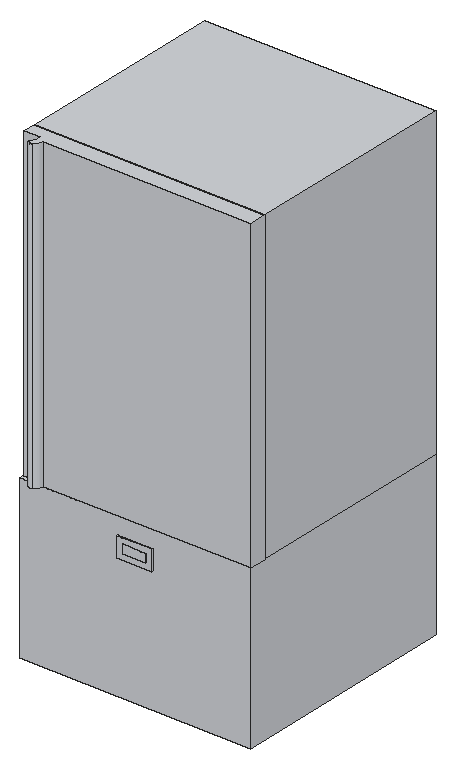
Revit family "Шкафы шоковой заморозки", category Оборудование, Revit 2020 (continued)
Lines and regions (mm)
  model lines, visible <- "Высокий", detail levels fine
    curve 1121: line (198.293, -800, 465.159) -> (184.151, -800, 451.017)
    curve 1122: line (198.293, -800, 480.159) -> (184.151, -800, 466.017)
    curve 1123: line (198.293, -800, 495.159) -> (184.151, -800, 481.017)
    curve 1124: line (198.293, -800, 510.159) -> (184.151, -800, 496.017)
    curve 1125: line (198.293, -800, 525.159) -> (184.151, -800, 511.017)
    curve 1126: line (218.293, -800, 450.159) -> (204.151, -800, 436.017)
    curve 1127: line (218.293, -800, 435.159) -> (204.151, -800, 421.017)
    curve 1128: line (218.293, -800, 420.159) -> (204.151, -800, 406.017)
    curve 1129: line (218.293, -800, 405.159) -> (204.151, -800, 391.017)
    curve 1130: line (218.293, -800, 390.159) -> (204.151, -800, 376.017)
    curve 1131: line (218.293, -800, 375.159) -> (204.151, -800, 361.017)
    curve 1132: line (218.293, -800, 360.159) -> (204.151, -800, 346.017)
    curve 1133: line (218.293, -800, 345.159) -> (204.151, -800, 331.017)
    curve 1134: line (218.293, -800, 330.159) -> (204.151, -800, 316.017)
    curve 1135: line (218.293, -800, 315.159) -> (204.151, -800, 301.017)
    curve 1136: line (218.293, -800, 300.159) -> (204.151, -800, 286.017)
    curve 1137: line (218.293, -800, 285.159) -> (204.151, -800, 271.017)
    curve 1138: line (218.293, -800, 465.159) -> (204.151, -800, 451.017)
    curve 1139: line (218.293, -800, 480.159) -> (204.151, -800, 466.017)
    curve 1140: line (218.293, -800, 495.159) -> (204.151, -800, 481.017)
    curve 1141: line (218.293, -800, 510.159) -> (204.151, -800, 496.017)
    curve 1142: line (218.293, -800, 525.159) -> (204.151, -800, 511.017)
    curve 1143: line (238.293, -800, 450.159) -> (224.151, -800, 436.017)
    curve 1144: line (238.293, -800, 435.159) -> (224.151, -800, 421.017)
    curve 1145: line (238.293, -800, 420.159) -> (224.151, -800, 406.017)
    curve 1146: line (238.293, -800, 405.159) -> (224.151, -800, 391.017)
    curve 1147: line (238.293, -800, 390.159) -> (224.151, -800, 376.017)
    curve 1148: line (238.293, -800, 375.159) -> (224.151, -800, 361.017)
    curve 1149: line (238.293, -800, 360.159) -> (224.151, -800, 346.017)
    curve 1150: line (238.293, -800, 345.159) -> (224.151, -800, 331.017)
    curve 1151: line (238.293, -800, 330.159) -> (224.151, -800, 316.017)
    curve 1152: line (238.293, -800, 315.159) -> (224.151, -800, 301.017)
    curve 1153: line (238.293, -800, 300.159) -> (224.151, -800, 286.017)
    curve 1154: line (238.293, -800, 285.159) -> (224.151, -800, 271.017)
    curve 1155: line (238.293, -800, 465.159) -> (224.151, -800, 451.017)
    curve 1156: line (238.293, -800, 480.159) -> (224.151, -800, 466.017)
    curve 1157: line (238.293, -800, 495.159) -> (224.151, -800, 481.017)
    curve 1158: line (238.293, -800, 510.159) -> (224.151, -800, 496.017)
    curve 1159: line (238.293, -800, 525.159) -> (224.151, -800, 511.017)
    curve 1160: line (258.293, -800, 450.159) -> (244.151, -800, 436.017)
    curve 1161: line (258.293, -800, 435.159) -> (244.151, -800, 421.017)
    curve 1162: line (258.293, -800, 420.159) -> (244.151, -800, 406.017)
    curve 1163: line (258.293, -800, 405.159) -> (244.151, -800, 391.017)
    curve 1164: line (258.293, -800, 390.159) -> (244.151, -800, 376.017)
    curve 1165: line (258.293, -800, 375.159) -> (244.151, -800, 361.017)
    curve 1166: line (258.293, -800, 360.159) -> (244.151, -800, 346.017)
    curve 1167: line (258.293, -800, 345.159) -> (244.151, -800, 331.017)
    curve 1168: line (258.293, -800, 330.159) -> (244.151, -800, 316.017)
    curve 1169: line (258.293, -800, 315.159) -> (244.151, -800, 301.017)
    curve 1170: line (258.293, -800, 300.159) -> (244.151, -800, 286.017)
    curve 1171: line (258.293, -800, 285.159) -> (244.151, -800, 271.017)
    curve 1172: line (258.293, -800, 465.159) -> (244.151, -800, 451.017)
    curve 1173: line (258.293, -800, 480.159) -> (244.151, -800, 466.017)
    curve 1174: line (258.293, -800, 495.159) -> (244.151, -800, 481.017)
    curve 1175: line (258.293, -800, 510.159) -> (244.151, -800, 496.017)
    curve 1176: line (258.293, -800, 525.159) -> (244.151, -800, 511.017)
    curve 1177: line (-98.293, -800, 540.159) -> (-84.151, -800, 526.017)
    curve 1178: line (-118.293, -800, 540.159) -> (-104.151, -800, 526.017)
    curve 1179: line (-138.293, -800, 540.159) -> (-124.151, -800, 526.017)
    curve 1180: line (-158.293, -800, 540.159) -> (-144.151, -800, 526.017)
    curve 1181: line (-178.293, -800, 540.159) -> (-164.151, -800, 526.017)
    curve 1182: line (-198.293, -800, 540.159) -> (-184.151, -800, 526.017)
    curve 1183: line (-218.293, -800, 540.159) -> (-204.151, -800, 526.017)
    curve 1184: line (-238.293, -800, 540.159) -> (-224.151, -800, 526.017)
    curve 1185: line (-258.293, -800, 540.159) -> (-244.151, -800, 526.017)
    curve 1186: line (98.293, -800, 540.159) -> (84.151, -800, 526.017)
    curve 1187: line (118.293, -800, 540.159) -> (104.151, -800, 526.017)
    curve 1188: line (138.293, -800, 540.159) -> (124.151, -800, 526.017)
    curve 1189: line (158.293, -800, 540.159) -> (144.151, -800, 526.017)
    curve 1190: line (178.293, -800, 540.159) -> (164.151, -800, 526.017)
    curve 1191: line (198.293, -800, 540.159) -> (184.151, -800, 526.017)
    curve 1192: line (218.293, -800, 540.159) -> (204.151, -800, 526.017)
    curve 1193: line (238.293, -800, 540.159) -> (224.151, -800, 526.017)
    curve 1194: line (258.293, -800, 540.159) -> (244.151, -800, 526.017)
    curve 1195: line (-98.293, -800, 555.159) -> (-84.151, -800, 541.017)
    curve 1196: line (-118.293, -800, 555.159) -> (-104.151, -800, 541.017)
    curve 1197: line (-138.293, -800, 555.159) -> (-124.151, -800, 541.017)
    curve 1198: line (-158.293, -800, 555.159) -> (-144.151, -800, 541.017)
    curve 1199: line (-178.293, -800, 555.159) -> (-164.151, -800, 541.017)
    curve 1200: line (-198.293, -800, 555.159) -> (-184.151, -800, 541.017)
    curve 1201: line (-218.293, -800, 555.159) -> (-204.151, -800, 541.017)
    curve 1202: line (-238.293, -800, 555.159) -> (-224.151, -800, 541.017)
    curve 1203: line (-258.293, -800, 555.159) -> (-244.151, -800, 541.017)
    curve 1204: line (98.293, -800, 555.159) -> (84.151, -800, 541.017)
    curve 1205: line (118.293, -800, 555.159) -> (104.151, -800, 541.017)
    curve 1206: line (138.293, -800, 555.159) -> (124.151, -800, 541.017)
    curve 1207: line (158.293, -800, 555.159) -> (144.151, -800, 541.017)
    curve 1208: line (178.293, -800, 555.159) -> (164.151, -800, 541.017)
    curve 1209: line (198.293, -800, 555.159) -> (184.151, -800, 541.017)
    curve 1210: line (218.293, -800, 555.159) -> (204.151, -800, 541.017)
    curve 1211: line (238.293, -800, 555.159) -> (224.151, -800, 541.017)
    curve 1212: line (258.293, -800, 555.159) -> (244.151, -800, 541.017)
    curve 1221: line (1468.311, -800, 25.271) -> (1482.453, -800, 11.128)
    curve 1222: line (1468.311, -800, 10.271) -> (1482.453, -800, -3.872)
    curve 1223: line (1468.311, -800, -4.729) -> (1482.453, -800, -18.872)
    curve 1224: line (1468.311, -800, -19.729) -> (1482.453, -800, -33.872)
    curve 1225: line (1468.311, -800, -34.729) -> (1482.453, -800, -48.872)
    curve 1226: line (1468.311, -800, -49.729) -> (1482.453, -800, -63.872)
    curve 1227: line (1468.311, -800, -64.729) -> (1482.453, -800, -78.872)
    curve 1228: line (1468.311, -800, -79.729) -> (1482.453, -800, -93.872)
    curve 1229: line (1468.311, -800, -94.729) -> (1482.453, -800, -108.872)
    curve 1230: line (1468.311, -800, -109.729) -> (1482.453, -800, -123.872)
    curve 1231: line (1468.311, -800, -124.729) -> (1482.453, -800, -138.872)
    curve 1232: line (1468.311, -800, -139.729) -> (1482.453, -800, -153.872)
    curve 1233: line (1448.311, -800, 25.271) -> (1462.453, -800, 11.128)
    curve 1234: line (1448.311, -800, 10.271) -> (1462.453, -800, -3.872)
    curve 1235: line (1448.311, -800, -4.729) -> (1462.453, -800, -18.872)
    curve 1236: line (1448.311, -800, -19.729) -> (1462.453, -800, -33.872)
    curve 1237: line (1448.311, -800, -34.729) -> (1462.453, -800, -48.872)
    curve 1238: line (1448.311, -800, -49.729) -> (1462.453, -800, -63.872)
    curve 1239: line (1448.311, -800, -64.729) -> (1462.453, -800, -78.872)
    curve 1240: line (1448.311, -800, -79.729) -> (1462.453, -800, -93.872)
    curve 1241: line (1448.311, -800, -94.729) -> (1462.453, -800, -108.872)
    curve 1242: line (1448.311, -800, -109.729) -> (1462.453, -800, -123.872)
    curve 1243: line (1448.311, -800, -124.729) -> (1462.453, -800, -138.872)
    curve 1244: line (1448.311, -800, -139.729) -> (1462.453, -800, -153.872)
    curve 1245: line (1428.311, -800, 25.271) -> (1442.453, -800, 11.128)
    curve 1246: line (1428.311, -800, 10.271) -> (1442.453, -800, -3.872)
    curve 1247: line (1428.311, -800, -4.729) -> (1442.453, -800, -18.872)
    curve 1248: line (1428.311, -800, -19.729) -> (1442.453, -800, -33.872)
    curve 1249: line (1428.311, -800, -34.729) -> (1442.453, -800, -48.872)
    curve 1250: line (1428.311, -800, -49.729) -> (1442.453, -800, -63.872)
    curve 1251: line (1428.311, -800, -64.729) -> (1442.453, -800, -78.872)
    curve 1252: line (1428.311, -800, -79.729) -> (1442.453, -800, -93.872)
    curve 1253: line (1428.311, -800, -94.729) -> (1442.453, -800, -108.872)
    curve 1254: line (1428.311, -800, -109.729) -> (1442.453, -800, -123.872)
    curve 1255: line (1428.311, -800, -124.729) -> (1442.453, -800, -138.872)
    curve 1256: line (1428.311, -800, -139.729) -> (1442.453, -800, -153.872)
    curve 1257: line (1408.311, -800, 25.271) -> (1422.453, -800, 11.128)
    curve 1258: line (1408.311, -800, 10.271) -> (1422.453, -800, -3.872)
    curve 1259: line (1408.311, -800, -4.729) -> (1422.453, -800, -18.872)
    curve 1260: line (1408.311, -800, -19.729) -> (1422.453, -800, -33.872)
    curve 1261: line (1408.311, -800, -34.729) -> (1422.453, -800, -48.872)
    curve 1262: line (1408.311, -800, -49.729) -> (1422.453, -800, -63.872)
    curve 1263: line (1408.311, -800, -64.729) -> (1422.453, -800, -78.872)
    curve 1264: line (1408.311, -800, -79.729) -> (1422.453, -800, -93.872)
    curve 1265: line (1408.311, -800, -94.729) -> (1422.453, -800, -108.872)
    curve 1266: line (1408.311, -800, -109.729) -> (1422.453, -800, -123.872)
    curve 1267: line (1408.311, -800, -124.729) -> (1422.453, -800, -138.872)
    curve 1268: line (1408.311, -800, -139.729) -> (1422.453, -800, -153.872)
    curve 1269: line (1388.311, -800, 25.271) -> (1402.453, -800, 11.128)
    curve 1270: line (1388.311, -800, 10.271) -> (1402.453, -800, -3.872)
    curve 1271: line (1388.311, -800, -4.729) -> (1402.453, -800, -18.872)
    curve 1272: line (1388.311, -800, -19.729) -> (1402.453, -800, -33.872)
    curve 1273: line (1388.311, -800, -34.729) -> (1402.453, -800, -48.872)
    curve 1274: line (1388.311, -800, -49.729) -> (1402.453, -800, -63.872)
    curve 1275: line (1388.311, -800, -64.729) -> (1402.453, -800, -78.872)
    curve 1276: line (1388.311, -800, -79.729) -> (1402.453, -800, -93.872)
    curve 1277: line (1388.311, -800, -94.729) -> (1402.453, -800, -108.872)
    curve 1278: line (1388.311, -800, -109.729) -> (1402.453, -800, -123.872)
    curve 1279: line (1388.311, -800, -124.729) -> (1402.453, -800, -138.872)
    curve 1280: line (1388.311, -800, -139.729) -> (1402.453, -800, -153.872)
    curve 1281: line (1388.311, -800, 40.271) -> (1402.453, -800, 26.128)
    curve 1282: line (1388.311, -800, 55.271) -> (1402.453, -800, 41.128)
    curve 1283: line (1388.311, -800, 70.271) -> (1402.453, -800, 56.128)
    curve 1284: line (1388.311, -800, 85.271) -> (1402.453, -800, 71.128)
    curve 1285: line (1388.311, -800, 100.271) -> (1402.453, -800, 86.128)
    curve 1286: line (1368.311, -800, 25.271) -> (1382.453, -800, 11.128)
    curve 1287: line (1368.311, -800, 10.271) -> (1382.453, -800, -3.872)
    curve 1288: line (1368.311, -800, -4.729) -> (1382.453, -800, -18.872)
    curve 1289: line (1368.311, -800, -19.729) -> (1382.453, -800, -33.872)
    curve 1290: line (1368.311, -800, -34.729) -> (1382.453, -800, -48.872)
    curve 1291: line (1368.311, -800, -49.729) -> (1382.453, -800, -63.872)
    curve 1292: line (1368.311, -800, -64.729) -> (1382.453, -800, -78.872)
    curve 1293: line (1368.311, -800, -79.729) -> (1382.453, -800, -93.872)
    curve 1294: line (1368.311, -800, -94.729) -> (1382.453, -800, -108.872)
    curve 1295: line (1368.311, -800, -109.729) -> (1382.453, -800, -123.872)
    curve 1296: line (1368.311, -800, -124.729) -> (1382.453, -800, -138.872)
    curve 1297: line (1368.311, -800, -139.729) -> (1382.453, -800, -153.872)
    curve 1298: line (1368.311, -800, 40.271) -> (1382.453, -800, 26.128)
    curve 1299: line (1368.311, -800, 55.271) -> (1382.453, -800, 41.128)
    curve 1300: line (1368.311, -800, 70.271) -> (1382.453, -800, 56.128)
    curve 1301: line (1368.311, -800, 85.271) -> (1382.453, -800, 71.128)
    curve 1302: line (1368.311, -800, 100.271) -> (1382.453, -800, 86.128)
    curve 1303: line (1348.311, -800, 25.271) -> (1362.453, -800, 11.128)
    curve 1304: line (1348.311, -800, 10.271) -> (1362.453, -800, -3.872)
    curve 1305: line (1348.311, -800, -4.729) -> (1362.453, -800, -18.872)
    curve 1306: line (1348.311, -800, -19.729) -> (1362.453, -800, -33.872)
    curve 1307: line (1348.311, -800, -34.729) -> (1362.453, -800, -48.872)
    curve 1308: line (1348.311, -800, -49.729) -> (1362.453, -800, -63.872)
    curve 1309: line (1348.311, -800, -64.729) -> (1362.453, -800, -78.872)
    curve 1310: line (1348.311, -800, -79.729) -> (1362.453, -800, -93.872)
    curve 1311: line (1348.311, -800, -94.729) -> (1362.453, -800, -108.872)
    curve 1312: line (1348.311, -800, -109.729) -> (1362.453, -800, -123.872)
    curve 1313: line (1348.311, -800, -124.729) -> (1362.453, -800, -138.872)
    curve 1314: line (1348.311, -800, -139.729) -> (1362.453, -800, -153.872)
    curve 1315: line (1348.311, -800, 40.271) -> (1362.453, -800, 26.128)
    curve 1316: line (1348.311, -800, 55.271) -> (1362.453, -800, 41.128)
    curve 1317: line (1348.311, -800, 70.271) -> (1362.453, -800, 56.128)
    curve 1318: line (1348.311, -800, 85.271) -> (1362.453, -800, 71.128)
    curve 1319: line (1348.311, -800, 100.271) -> (1362.453, -800, 86.128)
    curve 1320: line (1328.311, -800, 25.271) -> (1342.453, -800, 11.128)
    curve 1321: line (1328.311, -800, 10.271) -> (1342.453, -800, -3.872)
    curve 1322: line (1328.311, -800, -4.729) -> (1342.453, -800, -18.872)
    curve 1323: line (1328.311, -800, -19.729) -> (1342.453, -800, -33.872)
    curve 1324: line (1328.311, -800, -34.729) -> (1342.453, -800, -48.872)
    curve 1325: line (1328.311, -800, -49.729) -> (1342.453, -800, -63.872)
    curve 1326: line (1328.311, -800, -64.729) -> (1342.453, -800, -78.872)
    curve 1327: line (1328.311, -800, -79.729) -> (1342.453, -800, -93.872)
    curve 1328: line (1328.311, -800, -94.729) -> (1342.453, -800, -108.872)
    curve 1329: line (1328.311, -800, -109.729) -> (1342.453, -800, -123.872)
    curve 1330: line (1328.311, -800, -124.729) -> (1342.453, -800, -138.872)
    curve 1331: line (1328.311, -800, -139.729) -> (1342.453, -800, -153.872)
    curve 1332: line (1328.311, -800, 40.271) -> (1342.453, -800, 26.128)
    curve 1333: line (1328.311, -800, 55.271) -> (1342.453, -800, 41.128)
    curve 1334: line (1328.311, -800, 70.271) -> (1342.453, -800, 56.128)
    curve 1335: line (1328.311, -800, 85.271) -> (1342.453, -800, 71.128)
    curve 1336: line (1328.311, -800, 100.271) -> (1342.453, -800, 86.128)
    curve 1337: line (1308.311, -800, 25.271) -> (1322.453, -800, 11.128)
    curve 1338: line (1308.311, -800, 10.271) -> (1322.453, -800, -3.872)
    curve 1339: line (1308.311, -800, -4.729) -> (1322.453, -800, -18.872)
    curve 1340: line (1308.311, -800, -19.729) -> (1322.453, -800, -33.872)
    curve 1341: line (1308.311, -800, -34.729) -> (1322.453, -800, -48.872)
    curve 1342: line (1308.311, -800, -49.729) -> (1322.453, -800, -63.872)
    curve 1343: line (1308.311, -800, -64.729) -> (1322.453, -800, -78.872)
    curve 1344: line (1308.311, -800, -79.729) -> (1322.453, -800, -93.872)
    curve 1345: line (1308.311, -800, -94.729) -> (1322.453, -800, -108.872)
    curve 1346: line (1308.311, -800, -109.729) -> (1322.453, -800, -123.872)
    curve 1347: line (1308.311, -800, -124.729) -> (1322.453, -800, -138.872)
    curve 1348: line (1308.311, -800, -139.729) -> (1322.453, -800, -153.872)
    curve 1349: line (1308.311, -800, 40.271) -> (1322.453, -800, 26.128)
    curve 1350: line (1308.311, -800, 55.271) -> (1322.453, -800, 41.128)
    curve 1351: line (1308.311, -800, 70.271) -> (1322.453, -800, 56.128)
    curve 1352: line (1308.311, -800, 85.271) -> (1322.453, -800, 71.128)
    curve 1353: line (1308.311, -800, 100.271) -> (1322.453, -800, 86.128)
    curve 1354: line (1288.311, -800, 25.271) -> (1302.453, -800, 11.128)
    curve 1355: line (1288.311, -800, 10.271) -> (1302.453, -800, -3.872)
    curve 1356: line (1288.311, -800, -4.729) -> (1302.453, -800, -18.872)
    curve 1357: line (1288.311, -800, -19.729) -> (1302.453, -800, -33.872)
    curve 1358: line (1288.311, -800, -34.729) -> (1302.453, -800, -48.872)
    curve 1359: line (1288.311, -800, -49.729) -> (1302.453, -800, -63.872)
    curve 1360: line (1288.311, -800, -64.729) -> (1302.453, -800, -78.872)
    curve 1361: line (1288.311, -800, -79.729) -> (1302.453, -800, -93.872)
    curve 1362: line (1288.311, -800, -94.729) -> (1302.453, -800, -108.872)
    curve 1363: line (1288.311, -800, -109.729) -> (1302.453, -800, -123.872)
    curve 1364: line (1288.311, -800, -124.729) -> (1302.453, -800, -138.872)
    curve 1365: line (1288.311, -800, -139.729) -> (1302.453, -800, -153.872)
    curve 1366: line (1288.311, -800, 40.271) -> (1302.453, -800, 26.128)
    curve 1367: line (1288.311, -800, 55.271) -> (1302.453, -800, 41.128)
    curve 1368: line (1288.311, -800, 70.271) -> (1302.453, -800, 56.128)
    curve 1369: line (1288.311, -800, 85.271) -> (1302.453, -800, 71.128)
    curve 1370: line (1288.311, -800, 100.271) -> (1302.453, -800, 86.128)
    curve 1371: line (1268.311, -800, 25.271) -> (1282.453, -800, 11.128)
    curve 1372: line (1268.311, -800, 10.271) -> (1282.453, -800, -3.872)
    curve 1373: line (1268.311, -800, -4.729) -> (1282.453, -800, -18.872)
    curve 1374: line (1268.311, -800, -19.729) -> (1282.453, -800, -33.872)
    curve 1375: line (1268.311, -800, -34.729) -> (1282.453, -800, -48.872)
    curve 1376: line (1268.311, -800, -49.729) -> (1282.453, -800, -63.872)
    curve 1377: line (1268.311, -800, -64.729) -> (1282.453, -800, -78.872)
    curve 1378: line (1268.311, -800, -79.729) -> (1282.453, -800, -93.872)
    curve 1379: line (1268.311, -800, -94.729) -> (1282.453, -800, -108.872)
    curve 1380: line (1268.311, -800, -109.729) -> (1282.453, -800, -123.872)
    curve 1381: line (1268.311, -800, -124.729) -> (1282.453, -800, -138.872)
    curve 1382: line (1268.311, -800, -139.729) -> (1282.453, -800, -153.872)
    curve 1383: line (1268.311, -800, 40.271) -> (1282.453, -800, 26.128)
    curve 1384: line (1268.311, -800, 55.271) -> (1282.453, -800, 41.128)
    curve 1385: line (1268.311, -800, 70.271) -> (1282.453, -800, 56.128)
    curve 1386: line (1268.311, -800, 85.271) -> (1282.453, -800, 71.128)
    curve 1387: line (1268.311, -800, 100.271) -> (1282.453, -800, 86.128)
    curve 1388: line (1248.311, -800, 25.271) -> (1262.453, -800, 11.128)
    curve 1389: line (1248.311, -800, 10.271) -> (1262.453, -800, -3.872)
    curve 1390: line (1248.311, -800, -4.729) -> (1262.453, -800, -18.872)
    curve 1391: line (1248.311, -800, -19.729) -> (1262.453, -800, -33.872)
    curve 1392: line (1248.311, -800, -34.729) -> (1262.453, -800, -48.872)
    curve 1393: line (1248.311, -800, -49.729) -> (1262.453, -800, -63.872)
    curve 1394: line (1248.311, -800, -64.729) -> (1262.453, -800, -78.872)
    curve 1395: line (1248.311, -800, -79.729) -> (1262.453, -800, -93.872)
    curve 1396: line (1248.311, -800, -94.729) -> (1262.453, -800, -108.872)
    curve 1397: line (1248.311, -800, -109.729) -> (1262.453, -800, -123.872)
    curve 1398: line (1248.311, -800, -124.729) -> (1262.453, -800, -138.872)
    curve 1399: line (1248.311, -800, -139.729) -> (1262.453, -800, -153.872)
    curve 1400: line (1248.311, -800, 40.271) -> (1262.453, -800, 26.128)
    curve 1401: line (1248.311, -800, 55.271) -> (1262.453, -800, 41.128)
    curve 1402: line (1248.311, -800, 70.271) -> (1262.453, -800, 56.128)
    curve 1403: line (1248.311, -800, 85.271) -> (1262.453, -800, 71.128)
    curve 1404: line (1248.311, -800, 100.271) -> (1262.453, -800, 86.128)
    curve 1405: line (1228.311, -800, 25.271) -> (1242.453, -800, 11.128)
    curve 1406: line (1228.311, -800, 10.271) -> (1242.453, -800, -3.872)
    curve 1407: line (1228.311, -800, -4.729) -> (1242.453, -800, -18.872)
    curve 1408: line (1228.311, -800, -19.729) -> (1242.453, -800, -33.872)
    curve 1409: line (1228.311, -800, -34.729) -> (1242.453, -800, -48.872)
    curve 1410: line (1228.311, -800, -49.729) -> (1242.453, -800, -63.872)
    curve 1411: line (1228.311, -800, -64.729) -> (1242.453, -800, -78.872)
    curve 1412: line (1228.311, -800, -79.729) -> (1242.453, -800, -93.872)
    curve 1413: line (1228.311, -800, -94.729) -> (1242.453, -800, -108.872)
    curve 1414: line (1228.311, -800, -109.729) -> (1242.453, -800, -123.872)
    curve 1415: line (1228.311, -800, -124.729) -> (1242.453, -800, -138.872)
    curve 1416: line (1228.311, -800, -139.729) -> (1242.453, -800, -153.872)
    curve 1417: line (1228.311, -800, 40.271) -> (1242.453, -800, 26.128)
    curve 1418: line (1228.311, -800, 55.271) -> (1242.453, -800, 41.128)
    curve 1419: line (1228.311, -800, 70.271) -> (1242.453, -800, 56.128)
    curve 1420: line (1228.311, -800, 85.271) -> (1242.453, -800, 71.128)
    curve 1421: line (1228.311, -800, 100.271) -> (1242.453, -800, 86.128)
    curve 1422: line (1504.897, -800, 25.271) -> (1490.755, -800, 11.128)
    curve 1423: line (1504.897, -800, 10.271) -> (1490.755, -800, -3.872)
    curve 1424: line (1504.897, -800, -4.729) -> (1490.755, -800, -18.872)
    curve 1425: line (1504.897, -800, -19.729) -> (1490.755, -800, -33.872)
    curve 1426: line (1504.897, -800, -34.729) -> (1490.755, -800, -48.872)
    curve 1427: line (1504.897, -800, -49.729) -> (1490.755, -800, -63.872)
    curve 1428: line (1504.897, -800, -64.729) -> (1490.755, -800, -78.872)
    curve 1429: line (1504.897, -800, -79.729) -> (1490.755, -800, -93.872)
    curve 1430: line (1504.897, -800, -94.729) -> (1490.755, -800, -108.872)
    curve 1431: line (1504.897, -800, -109.729) -> (1490.755, -800, -123.872)
    curve 1432: line (1504.897, -800, -124.729) -> (1490.755, -800, -138.872)
    curve 1433: line (1504.897, -800, -139.729) -> (1490.755, -800, -153.872)
    curve 1434: line (1524.897, -800, 25.271) -> (1510.755, -800, 11.128)
    curve 1435: line (1524.897, -800, 10.271) -> (1510.755, -800, -3.872)
    curve 1436: line (1524.897, -800, -4.729) -> (1510.755, -800, -18.872)
    curve 1437: line (1524.897, -800, -19.729) -> (1510.755, -800, -33.872)
    curve 1438: line (1524.897, -800, -34.729) -> (1510.755, -800, -48.872)
    curve 1439: line (1524.897, -800, -49.729) -> (1510.755, -800, -63.872)
    curve 1440: line (1524.897, -800, -64.729) -> (1510.755, -800, -78.872)
    curve 1441: line (1524.897, -800, -79.729) -> (1510.755, -800, -93.872)
    curve 1442: line (1524.897, -800, -94.729) -> (1510.755, -800, -108.872)
    curve 1443: line (1524.897, -800, -109.729) -> (1510.755, -800, -123.872)
    curve 1444: line (1524.897, -800, -124.729) -> (1510.755, -800, -138.872)
    curve 1445: line (1524.897, -800, -139.729) -> (1510.755, -800, -153.872)
    curve 1446: line (1544.897, -800, 25.271) -> (1530.755, -800, 11.128)
    curve 1447: line (1544.897, -800, 10.271) -> (1530.755, -800, -3.872)
    curve 1448: line (1544.897, -800, -4.729) -> (1530.755, -800, -18.872)
    curve 1449: line (1544.897, -800, -19.729) -> (1530.755, -800, -33.872)
    curve 1450: line (1544.897, -800, -34.729) -> (1530.755, -800, -48.872)
    curve 1451: line (1544.897, -800, -49.729) -> (1530.755, -800, -63.872)
    curve 1452: line (1544.897, -800, -64.729) -> (1530.755, -800, -78.872)
    curve 1453: line (1544.897, -800, -79.729) -> (1530.755, -800, -93.872)
    curve 1454: line (1544.897, -800, -94.729) -> (1530.755, -800, -108.872)
    curve 1455: line (1544.897, -800, -109.729) -> (1530.755, -800, -123.872)
    curve 1456: line (1544.897, -800, -124.729) -> (1530.755, -800, -138.872)
    curve 1457: line (1544.897, -800, -139.729) -> (1530.755, -800, -153.872)
    curve 1458: line (1564.897, -800, 25.271) -> (1550.755, -800, 11.128)
    curve 1459: line (1564.897, -800, 10.271) -> (1550.755, -800, -3.872)
    curve 1460: line (1564.897, -800, -4.729) -> (1550.755, -800, -18.872)
    curve 1461: line (1564.897, -800, -19.729) -> (1550.755, -800, -33.872)
    curve 1462: line (1564.897, -800, -34.729) -> (1550.755, -800, -48.872)
    curve 1463: line (1564.897, -800, -49.729) -> (1550.755, -800, -63.872)
    curve 1464: line (1564.897, -800, -64.729) -> (1550.755, -800, -78.872)
    curve 1465: line (1564.897, -800, -79.729) -> (1550.755, -800, -93.872)
    curve 1466: line (1564.897, -800, -94.729) -> (1550.755, -800, -108.872)
    curve 1467: line (1564.897, -800, -109.729) -> (1550.755, -800, -123.872)
    curve 1468: line (1564.897, -800, -124.729) -> (1550.755, -800, -138.872)
    curve 1469: line (1564.897, -800, -139.729) -> (1550.755, -800, -153.872)
    curve 1470: line (1584.897, -800, 25.271) -> (1570.755, -800, 11.128)
    curve 1471: line (1584.897, -800, 10.271) -> (1570.755, -800, -3.872)
    curve 1472: line (1584.897, -800, -4.729) -> (1570.755, -800, -18.872)
    curve 1473: line (1584.897, -800, -19.729) -> (1570.755, -800, -33.872)
    curve 1474: line (1584.897, -800, -34.729) -> (1570.755, -800, -48.872)
    curve 1475: line (1584.897, -800, -49.729) -> (1570.755, -800, -63.872)
    curve 1476: line (1584.897, -800, -64.729) -> (1570.755, -800, -78.872)
    curve 1477: line (1584.897, -800, -79.729) -> (1570.755, -800, -93.872)
    curve 1478: line (1584.897, -800, -94.729) -> (1570.755, -800, -108.872)
    curve 1479: line (1584.897, -800, -109.729) -> (1570.755, -800, -123.872)
    curve 1480: line (1584.897, -800, -124.729) -> (1570.755, -800, -138.872)
    curve 1481: line (1584.897, -800, -139.729) -> (1570.755, -800, -153.872)
    curve 1482: line (1584.897, -800, 40.271) -> (1570.755, -800, 26.128)
    curve 1483: line (1584.897, -800, 55.271) -> (1570.755, -800, 41.128)
    curve 1484: line (1584.897, -800, 70.271) -> (1570.755, -800, 56.128)
    curve 1485: line (1584.897, -800, 85.271) -> (1570.755, -800, 71.128)
    curve 1486: line (1584.897, -800, 100.271) -> (1570.755, -800, 86.128)
    curve 1487: line (1604.897, -800, 25.271) -> (1590.755, -800, 11.128)
    curve 1488: line (1604.897, -800, 10.271) -> (1590.755, -800, -3.872)
    curve 1489: line (1604.897, -800, -4.729) -> (1590.755, -800, -18.872)
    curve 1490: line (1604.897, -800, -19.729) -> (1590.755, -800, -33.872)
    curve 1491: line (1604.897, -800, -34.729) -> (1590.755, -800, -48.872)
    curve 1492: line (1604.897, -800, -49.729) -> (1590.755, -800, -63.872)
    curve 1493: line (1604.897, -800, -64.729) -> (1590.755, -800, -78.872)
    curve 1494: line (1604.897, -800, -79.729) -> (1590.755, -800, -93.872)
    curve 1495: line (1604.897, -800, -94.729) -> (1590.755, -800, -108.872)
    curve 1496: line (1604.897, -800, -109.729) -> (1590.755, -800, -123.872)
    curve 1497: line (1604.897, -800, -124.729) -> (1590.755, -800, -138.872)
    curve 1498: line (1604.897, -800, -139.729) -> (1590.755, -800, -153.872)
    curve 1499: line (1604.897, -800, 40.271) -> (1590.755, -800, 26.128)
    curve 1500: line (1604.897, -800, 55.271) -> (1590.755, -800, 41.128)
    curve 1501: line (1604.897, -800, 70.271) -> (1590.755, -800, 56.128)
    curve 1502: line (1604.897, -800, 85.271) -> (1590.755, -800, 71.128)
    curve 1503: line (1604.897, -800, 100.271) -> (1590.755, -800, 86.128)
    curve 1504: line (1624.897, -800, 25.271) -> (1610.755, -800, 11.128)
    curve 1505: line (1624.897, -800, 10.271) -> (1610.755, -800, -3.872)
    curve 1506: line (1624.897, -800, -4.729) -> (1610.755, -800, -18.872)
    curve 1507: line (1624.897, -800, -19.729) -> (1610.755, -800, -33.872)
    curve 1508: line (1624.897, -800, -34.729) -> (1610.755, -800, -48.872)
    curve 1509: line (1624.897, -800, -49.729) -> (1610.755, -800, -63.872)
    curve 1510: line (1624.897, -800, -64.729) -> (1610.755, -800, -78.872)
    curve 1511: line (1624.897, -800, -79.729) -> (1610.755, -800, -93.872)
    curve 1512: line (1624.897, -800, -94.729) -> (1610.755, -800, -108.872)
    curve 1513: line (1624.897, -800, -109.729) -> (1610.755, -800, -123.872)
    curve 1514: line (1624.897, -800, -124.729) -> (1610.755, -800, -138.872)
    curve 1515: line (1624.897, -800, -139.729) -> (1610.755, -800, -153.872)
    curve 1516: line (1624.897, -800, 40.271) -> (1610.755, -800, 26.128)
    curve 1517: line (1624.897, -800, 55.271) -> (1610.755, -800, 41.128)
    curve 1518: line (1624.897, -800, 70.271) -> (1610.755, -800, 56.128)
    curve 1519: line (1624.897, -800, 85.271) -> (1610.755, -800, 71.128)
    curve 1520: line (1624.897, -800, 100.271) -> (1610.755, -800, 86.128)
    curve 1521: line (1644.897, -800, 25.271) -> (1630.755, -800, 11.128)
    curve 1522: line (1644.897, -800, 10.271) -> (1630.755, -800, -3.872)
    curve 1523: line (1644.897, -800, -4.729) -> (1630.755, -800, -18.872)
    curve 1524: line (1644.897, -800, -19.729) -> (1630.755, -800, -33.872)
    curve 1525: line (1644.897, -800, -34.729) -> (1630.755, -800, -48.872)
    curve 1526: line (1644.897, -800, -49.729) -> (1630.755, -800, -63.872)
    curve 1527: line (1644.897, -800, -64.729) -> (1630.755, -800, -78.872)
    curve 1528: line (1644.897, -800, -79.729) -> (1630.755, -800, -93.872)
    curve 1529: line (1644.897, -800, -94.729) -> (1630.755, -800, -108.872)
    curve 1530: line (1644.897, -800, -109.729) -> (1630.755, -800, -123.872)
    curve 1531: line (1644.897, -800, -124.729) -> (1630.755, -800, -138.872)
    curve 1532: line (1644.897, -800, -139.729) -> (1630.755, -800, -153.872)
    curve 1533: line (1644.897, -800, 40.271) -> (1630.755, -800, 26.128)
    curve 1534: line (1644.897, -800, 55.271) -> (1630.755, -800, 41.128)
    curve 1535: line (1644.897, -800, 70.271) -> (1630.755, -800, 56.128)
    curve 1536: line (1644.897, -800, 85.271) -> (1630.755, -800, 71.128)
    curve 1537: line (1644.897, -800, 100.271) -> (1630.755, -800, 86.128)
    curve 1538: line (1664.897, -800, 25.271) -> (1650.755, -800, 11.128)
    curve 1539: line (1664.897, -800, 10.271) -> (1650.755, -800, -3.872)
    curve 1540: line (1664.897, -800, -4.729) -> (1650.755, -800, -18.872)
    curve 1541: line (1664.897, -800, -19.729) -> (1650.755, -800, -33.872)
    curve 1542: line (1664.897, -800, -34.729) -> (1650.755, -800, -48.872)
    curve 1543: line (1664.897, -800, -49.729) -> (1650.755, -800, -63.872)
    curve 1544: line (1664.897, -800, -64.729) -> (1650.755, -800, -78.872)
    curve 1545: line (1664.897, -800, -79.729) -> (1650.755, -800, -93.872)
    curve 1546: line (1664.897, -800, -94.729) -> (1650.755, -800, -108.872)
    curve 1547: line (1664.897, -800, -109.729) -> (1650.755, -800, -123.872)
    curve 1548: line (1664.897, -800, -124.729) -> (1650.755, -800, -138.872)
    curve 1549: line (1664.897, -800, -139.729) -> (1650.755, -800, -153.872)
    curve 1550: line (1664.897, -800, 40.271) -> (1650.755, -800, 26.128)
    curve 1551: line (1664.897, -800, 55.271) -> (1650.755, -800, 41.128)
    curve 1552: line (1664.897, -800, 70.271) -> (1650.755, -800, 56.128)
    curve 1553: line (1664.897, -800, 85.271) -> (1650.755, -800, 71.128)
    curve 1554: line (1664.897, -800, 100.271) -> (1650.755, -800, 86.128)
    curve 1555: line (1684.897, -800, 25.271) -> (1670.755, -800, 11.128)
    curve 1556: line (1684.897, -800, 10.271) -> (1670.755, -800, -3.872)
    curve 1557: line (1684.897, -800, -4.729) -> (1670.755, -800, -18.872)
    curve 1558: line (1684.897, -800, -19.729) -> (1670.755, -800, -33.872)
    curve 1559: line (1684.897, -800, -34.729) -> (1670.755, -800, -48.872)
    curve 1560: line (1684.897, -800, -49.729) -> (1670.755, -800, -63.872)
    curve 1561: line (1684.897, -800, -64.729) -> (1670.755, -800, -78.872)
    curve 1562: line (1684.897, -800, -79.729) -> (1670.755, -800, -93.872)
    curve 1563: line (1684.897, -800, -94.729) -> (1670.755, -800, -108.872)
    curve 1564: line (1684.897, -800, -109.729) -> (1670.755, -800, -123.872)
    curve 1565: line (1684.897, -800, -124.729) -> (1670.755, -800, -138.872)
    curve 1566: line (1684.897, -800, -139.729) -> (1670.755, -800, -153.872)
    curve 1567: line (1684.897, -800, 40.271) -> (1670.755, -800, 26.128)
    curve 1568: line (1684.897, -800, 55.271) -> (1670.755, -800, 41.128)
    curve 1569: line (1684.897, -800, 70.271) -> (1670.755, -800, 56.128)
    curve 1570: line (1684.897, -800, 85.271) -> (1670.755, -800, 71.128)
    curve 1571: line (1684.897, -800, 100.271) -> (1670.755, -800, 86.128)
    curve 1572: line (1704.897, -800, 25.271) -> (1690.755, -800, 11.128)
    curve 1573: line (1704.897, -800, 10.271) -> (1690.755, -800, -3.872)
    curve 1574: line (1704.897, -800, -4.729) -> (1690.755, -800, -18.872)
    curve 1575: line (1704.897, -800, -19.729) -> (1690.755, -800, -33.872)
    curve 1576: line (1704.897, -800, -34.729) -> (1690.755, -800, -48.872)
    curve 1577: line (1704.897, -800, -49.729) -> (1690.755, -800, -63.872)
    curve 1578: line (1704.897, -800, -64.729) -> (1690.755, -800, -78.872)
    curve 1579: line (1704.897, -800, -79.729) -> (1690.755, -800, -93.872)
    curve 1580: line (1704.897, -800, -94.729) -> (1690.755, -800, -108.872)
    curve 1581: line (1704.897, -800, -109.729) -> (1690.755, -800, -123.872)
    curve 1582: line (1704.897, -800, -124.729) -> (1690.755, -800, -138.872)
    curve 1583: line (1704.897, -800, -139.729) -> (1690.755, -800, -153.872)
    curve 1584: line (1704.897, -800, 40.271) -> (1690.755, -800, 26.128)
    curve 1585: line (1704.897, -800, 55.271) -> (1690.755, -800, 41.128)
    curve 1586: line (1704.897, -800, 70.271) -> (1690.755, -800, 56.128)
    curve 1587: line (1704.897, -800, 85.271) -> (1690.755, -800, 71.128)
    curve 1588: line (1704.897, -800, 100.271) -> (1690.755, -800, 86.128)
    curve 1589: line (1724.897, -800, 25.271) -> (1710.755, -800, 11.128)
    curve 1590: line (1724.897, -800, 10.271) -> (1710.755, -800, -3.872)
    curve 1591: line (1724.897, -800, -4.729) -> (1710.755, -800, -18.872)
    curve 1592: line (1724.897, -800, -19.729) -> (1710.755, -800, -33.872)
    curve 1593: line (1724.897, -800, -34.729) -> (1710.755, -800, -48.872)
    curve 1594: line (1724.897, -800, -49.729) -> (1710.755, -800, -63.872)
    curve 1595: line (1724.897, -800, -64.729) -> (1710.755, -800, -78.872)
    curve 1596: line (1724.897, -800, -79.729) -> (1710.755, -800, -93.872)
    curve 1597: line (1724.897, -800, -94.729) -> (1710.755, -800, -108.872)
    curve 1598: line (1724.897, -800, -109.729) -> (1710.755, -800, -123.872)
    curve 1599: line (1724.897, -800, -124.729) -> (1710.755, -800, -138.872)
    curve 1600: line (1724.897, -800, -139.729) -> (1710.755, -800, -153.872)
    curve 1601: line (1724.897, -800, 40.271) -> (1710.755, -800, 26.128)
    curve 1602: line (1724.897, -800, 55.271) -> (1710.755, -800, 41.128)
    curve 1603: line (1724.897, -800, 70.271) -> (1710.755, -800, 56.128)
    curve 1604: line (1724.897, -800, 85.271) -> (1710.755, -800, 71.128)
    curve 1605: line (1724.897, -800, 100.271) -> (1710.755, -800, 86.128)
    curve 1606: line (1744.897, -800, 25.271) -> (1730.755, -800, 11.128)
    curve 1607: line (1744.897, -800, 10.271) -> (1730.755, -800, -3.872)
    curve 1608: line (1744.897, -800, -4.729) -> (1730.755, -800, -18.872)
    curve 1609: line (1744.897, -800, -19.729) -> (1730.755, -800, -33.872)
    curve 1610: line (1744.897, -800, -34.729) -> (1730.755, -800, -48.872)
    curve 1611: line (1744.897, -800, -49.729) -> (1730.755, -800, -63.872)
    curve 1612: line (1744.897, -800, -64.729) -> (1730.755, -800, -78.872)
    curve 1613: line (1744.897, -800, -79.729) -> (1730.755, -800, -93.872)
    curve 1614: line (1744.897, -800, -94.729) -> (1730.755, -800, -108.872)
    curve 1615: line (1744.897, -800, -109.729) -> (1730.755, -800, -123.872)
    curve 1616: line (1744.897, -800, -124.729) -> (1730.755, -800, -138.872)
    curve 1617: line (1744.897, -800, -139.729) -> (1730.755, -800, -153.872)
    curve 1618: line (1744.897, -800, 40.271) -> (1730.755, -800, 26.128)
    curve 1619: line (1744.897, -800, 55.271) -> (1730.755, -800, 41.128)
    curve 1620: line (1744.897, -800, 70.271) -> (1730.755, -800, 56.128)
    curve 1621: line (1744.897, -800, 85.271) -> (1730.755, -800, 71.128)
    curve 1622: line (1744.897, -800, 100.271) -> (1730.755, -800, 86.128)
    curve 1623: line (1388.311, -800, 115.271) -> (1402.453, -800, 101.128)
    curve 1624: line (1368.311, -800, 115.271) -> (1382.453, -800, 101.128)
    curve 1625: line (1348.311, -800, 115.271) -> (1362.453, -800, 101.128)
    curve 1626: line (1328.311, -800, 115.271) -> (1342.453, -800, 101.128)
    curve 1627: line (1308.311, -800, 115.271) -> (1322.453, -800, 101.128)
    curve 1628: line (1288.311, -800, 115.271) -> (1302.453, -800, 101.128)
    curve 1629: line (1268.311, -800, 115.271) -> (1282.453, -800, 101.128)
    curve 1630: line (1248.311, -800, 115.271) -> (1262.453, -800, 101.128)
    curve 1631: line (1228.311, -800, 115.271) -> (1242.453, -800, 101.128)
    curve 1632: line (1584.897, -800, 115.271) -> (1570.755, -800, 101.128)
    curve 1633: line (1604.897, -800, 115.271) -> (1590.755, -800, 101.128)
    curve 1634: line (1624.897, -800, 115.271) -> (1610.755, -800, 101.128)
    curve 1635: line (1644.897, -800, 115.271) -> (1630.755, -800, 101.128)
    curve 1636: line (1664.897, -800, 115.271) -> (1650.755, -800, 101.128)
    curve 1637: line (1684.897, -800, 115.271) -> (1670.755, -800, 101.128)
    curve 1638: line (1704.897, -800, 115.271) -> (1690.755, -800, 101.128)
    curve 1639: line (1724.897, -800, 115.271) -> (1710.755, -800, 101.128)
    curve 1640: line (1744.897, -800, 115.271) -> (1730.755, -800, 101.128)
    curve 1641: line (1388.311, -800, 130.271) -> (1402.453, -800, 116.128)
    curve 1642: line (1368.311, -800, 130.271) -> (1382.453, -800, 116.128)
    curve 1643: line (1348.311, -800, 130.271) -> (1362.453, -800, 116.128)
    curve 1644: line (1328.311, -800, 130.271) -> (1342.453, -800, 116.128)
    curve 1645: line (1308.311, -800, 130.271) -> (1322.453, -800, 116.128)
    curve 1646: line (1288.311, -800, 130.271) -> (1302.453, -800, 116.128)
    curve 1647: line (1268.311, -800, 130.271) -> (1282.453, -800, 116.128)
    curve 1648: line (1248.311, -800, 130.271) -> (1262.453, -800, 116.128)
    curve 1649: line (1228.311, -800, 130.271) -> (1242.453, -800, 116.128)
    curve 1650: line (1584.897, -800, 130.271) -> (1570.755, -800, 116.128)
    curve 1651: line (1604.897, -800, 130.271) -> (1590.755, -800, 116.128)
    curve 1652: line (1624.897, -800, 130.271) -> (1610.755, -800, 116.128)
    curve 1653: line (1644.897, -800, 130.271) -> (1630.755, -800, 116.128)
    curve 1654: line (1664.897, -800, 130.271) -> (1650.755, -800, 116.128)
    curve 1655: line (1684.897, -800, 130.271) -> (1670.755, -800, 116.128)
    curve 1656: line (1704.897, -800, 130.271) -> (1690.755, -800, 116.128)
    curve 1657: line (1724.897, -800, 130.271) -> (1710.755, -800, 116.128)
    curve 1658: line (1744.897, -800, 130.271) -> (1730.755, -800, 116.128)
    curve 1667: line (-18.293, -800, 270.159) -> (-4.151, -800, 256.017)
    curve 1668: line (-18.293, -800, 255.159) -> (-4.151, -800, 241.017)
    curve 1669: line (-18.293, -800, 240.159) -> (-4.151, -800, 226.017)
    curve 1670: line (-18.293, -800, 225.159) -> (-4.151, -800, 211.017)
    curve 1671: line (-18.293, -800, 210.159) -> (-4.151, -800, 196.017)
    curve 1672: line (-18.293, -800, 195.159) -> (-4.151, -800, 181.017)
    curve 1673: line (-18.293, -800, 180.159) -> (-4.151, -800, 166.017)
    curve 1674: line (-18.293, -800, 165.159) -> (-4.151, -800, 151.017)
    curve 1675: line (-38.293, -800, 270.159) -> (-24.151, -800, 256.017)
    curve 1676: line (-38.293, -800, 255.159) -> (-24.151, -800, 241.017)
    curve 1677: line (-38.293, -800, 240.159) -> (-24.151, -800, 226.017)
    curve 1678: line (-38.293, -800, 225.159) -> (-24.151, -800, 211.017)
    curve 1679: line (-38.293, -800, 210.159) -> (-24.151, -800, 196.017)
    curve 1680: line (-38.293, -800, 195.159) -> (-24.151, -800, 181.017)
    curve 1681: line (-38.293, -800, 180.159) -> (-24.151, -800, 166.017)
    curve 1682: line (-38.293, -800, 165.159) -> (-24.151, -800, 151.017)
    curve 1683: line (-58.293, -800, 270.159) -> (-44.151, -800, 256.017)
    curve 1684: line (-58.293, -800, 255.159) -> (-44.151, -800, 241.017)
    curve 1685: line (-58.293, -800, 240.159) -> (-44.151, -800, 226.017)
    curve 1686: line (-58.293, -800, 225.159) -> (-44.151, -800, 211.017)
    curve 1687: line (-58.293, -800, 210.159) -> (-44.151, -800, 196.017)
    curve 1688: line (-58.293, -800, 195.159) -> (-44.151, -800, 181.017)
    curve 1689: line (-58.293, -800, 180.159) -> (-44.151, -800, 166.017)
    curve 1690: line (-58.293, -800, 165.159) -> (-44.151, -800, 151.017)
    curve 1691: line (-78.293, -800, 270.159) -> (-64.151, -800, 256.017)
    curve 1692: line (-78.293, -800, 255.159) -> (-64.151, -800, 241.017)
    curve 1693: line (-78.293, -800, 240.159) -> (-64.151, -800, 226.017)
    curve 1694: line (-78.293, -800, 225.159) -> (-64.151, -800, 211.017)
    curve 1695: line (-78.293, -800, 210.159) -> (-64.151, -800, 196.017)
    curve 1696: line (-78.293, -800, 195.159) -> (-64.151, -800, 181.017)
    curve 1697: line (-78.293, -800, 180.159) -> (-64.151, -800, 166.017)
    curve 1698: line (-78.293, -800, 165.159) -> (-64.151, -800, 151.017)
    curve 1699: line (-98.293, -800, 270.159) -> (-84.151, -800, 256.017)
    curve 1700: line (-98.293, -800, 255.159) -> (-84.151, -800, 241.017)
    curve 1701: line (-98.293, -800, 240.159) -> (-84.151, -800, 226.017)
    curve 1702: line (-98.293, -800, 225.159) -> (-84.151, -800, 211.017)
    curve 1703: line (-98.293, -800, 210.159) -> (-84.151, -800, 196.017)
    curve 1704: line (-98.293, -800, 195.159) -> (-84.151, -800, 181.017)
    curve 1705: line (-98.293, -800, 180.159) -> (-84.151, -800, 166.017)
    curve 1706: line (-98.293, -800, 165.159) -> (-84.151, -800, 151.017)
    curve 1707: line (-118.293, -800, 270.159) -> (-104.151, -800, 256.017)
    curve 1708: line (-118.293, -800, 255.159) -> (-104.151, -800, 241.017)
    curve 1709: line (-118.293, -800, 240.159) -> (-104.151, -800, 226.017)
    curve 1710: line (-118.293, -800, 225.159) -> (-104.151, -800, 211.017)
    curve 1711: line (-118.293, -800, 210.159) -> (-104.151, -800, 196.017)
    curve 1712: line (-118.293, -800, 195.159) -> (-104.151, -800, 181.017)
    curve 1713: line (-118.293, -800, 180.159) -> (-104.151, -800, 166.017)
    curve 1714: line (-118.293, -800, 165.159) -> (-104.151, -800, 151.017)
    curve 1715: line (-138.293, -800, 270.159) -> (-124.151, -800, 256.017)
    curve 1716: line (-138.293, -800, 255.159) -> (-124.151, -800, 241.017)
    curve 1717: line (-138.293, -800, 240.159) -> (-124.151, -800, 226.017)
    curve 1718: line (-138.293, -800, 225.159) -> (-124.151, -800, 211.017)
    curve 1719: line (-138.293, -800, 210.159) -> (-124.151, -800, 196.017)
    curve 1720: line (-138.293, -800, 195.159) -> (-124.151, -800, 181.017)
    curve 1721: line (-138.293, -800, 180.159) -> (-124.151, -800, 166.017)
    curve 1722: line (-138.293, -800, 165.159) -> (-124.151, -800, 151.017)
    curve 1723: line (-158.293, -800, 270.159) -> (-144.151, -800, 256.017)
    curve 1724: line (-158.293, -800, 255.159) -> (-144.151, -800, 241.017)
    curve 1725: line (-158.293, -800, 240.159) -> (-144.151, -800, 226.017)
    curve 1726: line (-158.293, -800, 225.159) -> (-144.151, -800, 211.017)
    curve 1727: line (-158.293, -800, 210.159) -> (-144.151, -800, 196.017)
    curve 1728: line (-158.293, -800, 195.159) -> (-144.151, -800, 181.017)
    curve 1729: line (-158.293, -800, 180.159) -> (-144.151, -800, 166.017)
    curve 1730: line (-158.293, -800, 165.159) -> (-144.151, -800, 151.017)
    curve 1731: line (-178.293, -800, 270.159) -> (-164.151, -800, 256.017)
    curve 1732: line (-178.293, -800, 255.159) -> (-164.151, -800, 241.017)
    curve 1733: line (-178.293, -800, 240.159) -> (-164.151, -800, 226.017)
    curve 1734: line (-178.293, -800, 225.159) -> (-164.151, -800, 211.017)
    curve 1735: line (-178.293, -800, 210.159) -> (-164.151, -800, 196.017)
    curve 1736: line (-178.293, -800, 195.159) -> (-164.151, -800, 181.017)
    curve 1737: line (-178.293, -800, 180.159) -> (-164.151, -800, 166.017)
    curve 1738: line (-178.293, -800, 165.159) -> (-164.151, -800, 151.017)
    curve 1739: line (-198.293, -800, 270.159) -> (-184.151, -800, 256.017)
    curve 1740: line (-198.293, -800, 255.159) -> (-184.151, -800, 241.017)
    curve 1741: line (-198.293, -800, 240.159) -> (-184.151, -800, 226.017)
    curve 1742: line (-198.293, -800, 225.159) -> (-184.151, -800, 211.017)
    curve 1743: line (-198.293, -800, 210.159) -> (-184.151, -800, 196.017)
    curve 1744: line (-198.293, -800, 195.159) -> (-184.151, -800, 181.017)
    curve 1745: line (-198.293, -800, 180.159) -> (-184.151, -800, 166.017)
    curve 1746: line (-198.293, -800, 165.159) -> (-184.151, -800, 151.017)
    curve 1747: line (-218.293, -800, 270.159) -> (-204.151, -800, 256.017)
    curve 1748: line (-218.293, -800, 255.159) -> (-204.151, -800, 241.017)
    curve 1749: line (-218.293, -800, 240.159) -> (-204.151, -800, 226.017)
    curve 1750: line (-218.293, -800, 225.159) -> (-204.151, -800, 211.017)
    curve 1751: line (-218.293, -800, 210.159) -> (-204.151, -800, 196.017)
    curve 1752: line (-218.293, -800, 195.159) -> (-204.151, -800, 181.017)
    curve 1753: line (-218.293, -800, 180.159) -> (-204.151, -800, 166.017)
    curve 1754: line (-218.293, -800, 165.159) -> (-204.151, -800, 151.017)
    curve 1755: line (-238.293, -800, 270.159) -> (-224.151, -800, 256.017)
    curve 1756: line (-238.293, -800, 255.159) -> (-224.151, -800, 241.017)
    curve 1757: line (-238.293, -800, 240.159) -> (-224.151, -800, 226.017)
    curve 1758: line (-238.293, -800, 225.159) -> (-224.151, -800, 211.017)
    curve 1759: line (-238.293, -800, 210.159) -> (-224.151, -800, 196.017)
    curve 1760: line (-238.293, -800, 195.159) -> (-224.151, -800, 181.017)
    curve 1761: line (-238.293, -800, 180.159) -> (-224.151, -800, 166.017)
    curve 1762: line (-238.293, -800, 165.159) -> (-224.151, -800, 151.017)
    curve 1763: line (-258.293, -800, 270.159) -> (-244.151, -800, 256.017)
    curve 1764: line (-258.293, -800, 255.159) -> (-244.151, -800, 241.017)
    curve 1765: line (-258.293, -800, 240.159) -> (-244.151, -800, 226.017)
    curve 1766: line (-258.293, -800, 225.159) -> (-244.151, -800, 211.017)
    curve 1767: line (-258.293, -800, 210.159) -> (-244.151, -800, 196.017)
    curve 1768: line (-258.293, -800, 195.159) -> (-244.151, -800, 181.017)
    curve 1769: line (-258.293, -800, 180.159) -> (-244.151, -800, 166.017)
    curve 1770: line (-258.293, -800, 165.159) -> (-244.151, -800, 151.017)
    curve 1771: line (18.293, -800, 270.159) -> (4.151, -800, 256.017)
    curve 1772: line (18.293, -800, 255.159) -> (4.151, -800, 241.017)
    curve 1773: line (18.293, -800, 240.159) -> (4.151, -800, 226.017)
    curve 1774: line (18.293, -800, 225.159) -> (4.151, -800, 211.017)
    curve 1775: line (18.293, -800, 210.159) -> (4.151, -800, 196.017)
    curve 1776: line (18.293, -800, 195.159) -> (4.151, -800, 181.017)
    curve 1777: line (18.293, -800, 180.159) -> (4.151, -800, 166.017)
    curve 1778: line (18.293, -800, 165.159) -> (4.151, -800, 151.017)
    curve 1779: line (38.293, -800, 270.159) -> (24.151, -800, 256.017)
    curve 1780: line (38.293, -800, 255.159) -> (24.151, -800, 241.017)
    curve 1781: line (38.293, -800, 240.159) -> (24.151, -800, 226.017)
    curve 1782: line (38.293, -800, 225.159) -> (24.151, -800, 211.017)
    curve 1783: line (38.293, -800, 210.159) -> (24.151, -800, 196.017)
    curve 1784: line (38.293, -800, 195.159) -> (24.151, -800, 181.017)
    curve 1785: line (38.293, -800, 180.159) -> (24.151, -800, 166.017)
    curve 1786: line (38.293, -800, 165.159) -> (24.151, -800, 151.017)
    curve 1787: line (58.293, -800, 270.159) -> (44.151, -800, 256.017)
    curve 1788: line (58.293, -800, 255.159) -> (44.151, -800, 241.017)
    curve 1789: line (58.293, -800, 240.159) -> (44.151, -800, 226.017)
    curve 1790: line (58.293, -800, 225.159) -> (44.151, -800, 211.017)
    curve 1791: line (58.293, -800, 210.159) -> (44.151, -800, 196.017)
    curve 1792: line (58.293, -800, 195.159) -> (44.151, -800, 181.017)
    curve 1793: line (58.293, -800, 180.159) -> (44.151, -800, 166.017)
    curve 1794: line (58.293, -800, 165.159) -> (44.151, -800, 151.017)
    curve 1795: line (78.293, -800, 270.159) -> (64.151, -800, 256.017)
    curve 1796: line (78.293, -800, 255.159) -> (64.151, -800, 241.017)
    curve 1797: line (78.293, -800, 240.159) -> (64.151, -800, 226.017)
    curve 1798: line (78.293, -800, 225.159) -> (64.151, -800, 211.017)
    curve 1799: line (78.293, -800, 210.159) -> (64.151, -800, 196.017)
    curve 1800: line (78.293, -800, 195.159) -> (64.151, -800, 181.017)
    curve 1801: line (78.293, -800, 180.159) -> (64.151, -800, 166.017)
    curve 1802: line (78.293, -800, 165.159) -> (64.151, -800, 151.017)
    curve 1803: line (98.293, -800, 270.159) -> (84.151, -800, 256.017)
    curve 1804: line (98.293, -800, 255.159) -> (84.151, -800, 241.017)
    curve 1805: line (98.293, -800, 240.159) -> (84.151, -800, 226.017)
    curve 1806: line (98.293, -800, 225.159) -> (84.151, -800, 211.017)
    curve 1807: line (98.293, -800, 210.159) -> (84.151, -800, 196.017)
    curve 1808: line (98.293, -800, 195.159) -> (84.151, -800, 181.017)
    curve 1809: line (98.293, -800, 180.159) -> (84.151, -800, 166.017)
    curve 1810: line (98.293, -800, 165.159) -> (84.151, -800, 151.017)
    curve 1811: line (118.293, -800, 270.159) -> (104.151, -800, 256.017)
    curve 1812: line (118.293, -800, 255.159) -> (104.151, -800, 241.017)
    curve 1813: line (118.293, -800, 240.159) -> (104.151, -800, 226.017)
    curve 1814: line (118.293, -800, 225.159) -> (104.151, -800, 211.017)
    curve 1815: line (118.293, -800, 210.159) -> (104.151, -800, 196.017)
    curve 1816: line (118.293, -800, 195.159) -> (104.151, -800, 181.017)
    curve 1817: line (118.293, -800, 180.159) -> (104.151, -800, 166.017)
    curve 1818: line (118.293, -800, 165.159) -> (104.151, -800, 151.017)
    curve 1819: line (138.293, -800, 270.159) -> (124.151, -800, 256.017)
    curve 1820: line (138.293, -800, 255.159) -> (124.151, -800, 241.017)
    curve 1821: line (138.293, -800, 240.159) -> (124.151, -800, 226.017)
    curve 1822: line (138.293, -800, 225.159) -> (124.151, -800, 211.017)
    curve 1823: line (138.293, -800, 210.159) -> (124.151, -800, 196.017)
    curve 1824: line (138.293, -800, 195.159) -> (124.151, -800, 181.017)
    curve 1825: line (138.293, -800, 180.159) -> (124.151, -800, 166.017)
    curve 1826: line (138.293, -800, 165.159) -> (124.151, -800, 151.017)
    curve 1827: line (158.293, -800, 270.159) -> (144.151, -800, 256.017)
    curve 1828: line (158.293, -800, 255.159) -> (144.151, -800, 241.017)
    curve 1829: line (158.293, -800, 240.159) -> (144.151, -800, 226.017)
    curve 1830: line (158.293, -800, 225.159) -> (144.151, -800, 211.017)
    curve 1831: line (158.293, -800, 210.159) -> (144.151, -800, 196.017)
    curve 1832: line (158.293, -800, 195.159) -> (144.151, -800, 181.017)
    curve 1833: line (158.293, -800, 180.159) -> (144.151, -800, 166.017)
    curve 1834: line (158.293, -800, 165.159) -> (144.151, -800, 151.017)
    curve 1835: line (178.293, -800, 270.159) -> (164.151, -800, 256.017)
    curve 1836: line (178.293, -800, 255.159) -> (164.151, -800, 241.017)
    curve 1837: line (178.293, -800, 240.159) -> (164.151, -800, 226.017)
    curve 1838: line (178.293, -800, 225.159) -> (164.151, -800, 211.017)
    curve 1839: line (178.293, -800, 210.159) -> (164.151, -800, 196.017)
    curve 1840: line (178.293, -800, 195.159) -> (164.151, -800, 181.017)
    curve 1841: line (178.293, -800, 180.159) -> (164.151, -800, 166.017)
    curve 1842: line (178.293, -800, 165.159) -> (164.151, -800, 151.017)
    curve 1843: line (198.293, -800, 270.159) -> (184.151, -800, 256.017)
    curve 1844: line (198.293, -800, 255.159) -> (184.151, -800, 241.017)
    curve 1845: line (198.293, -800, 240.159) -> (184.151, -800, 226.017)
    curve 1846: line (198.293, -800, 225.159) -> (184.151, -800, 211.017)
    curve 1847: line (198.293, -800, 210.159) -> (184.151, -800, 196.017)
    curve 1848: line (198.293, -800, 195.159) -> (184.151, -800, 181.017)
    curve 1849: line (198.293, -800, 180.159) -> (184.151, -800, 166.017)
    curve 1850: line (198.293, -800, 165.159) -> (184.151, -800, 151.017)
    curve 1851: line (218.293, -800, 270.159) -> (204.151, -800, 256.017)
    curve 1852: line (218.293, -800, 255.159) -> (204.151, -800, 241.017)
    curve 1853: line (218.293, -800, 240.159) -> (204.151, -800, 226.017)
    curve 1854: line (218.293, -800, 225.159) -> (204.151, -800, 211.017)
    curve 1855: line (218.293, -800, 210.159) -> (204.151, -800, 196.017)
    curve 1856: line (218.293, -800, 195.159) -> (204.151, -800, 181.017)
    curve 1857: line (218.293, -800, 180.159) -> (204.151, -800, 166.017)
    curve 1858: line (218.293, -800, 165.159) -> (204.151, -800, 151.017)
    curve 1859: line (238.293, -800, 270.159) -> (224.151, -800, 256.017)
    curve 1860: line (238.293, -800, 255.159) -> (224.151, -800, 241.017)
    curve 1861: line (238.293, -800, 240.159) -> (224.151, -800, 226.017)
    curve 1862: line (238.293, -800, 225.159) -> (224.151, -800, 211.017)
    curve 1863: line (238.293, -800, 210.159) -> (224.151, -800, 196.017)
    curve 1864: line (238.293, -800, 195.159) -> (224.151, -800, 181.017)
    curve 1865: line (238.293, -800, 180.159) -> (224.151, -800, 166.017)
    curve 1866: line (238.293, -800, 165.159) -> (224.151, -800, 151.017)
    curve 1867: line (258.293, -800, 270.159) -> (244.151, -800, 256.017)
    curve 1868: line (258.293, -800, 255.159) -> (244.151, -800, 241.017)
    curve 1869: line (258.293, -800, 240.159) -> (244.151, -800, 226.017)
    curve 1870: line (258.293, -800, 225.159) -> (244.151, -800, 211.017)
    curve 1871: line (258.293, -800, 210.159) -> (244.151, -800, 196.017)
    curve 1872: line (258.293, -800, 195.159) -> (244.151, -800, 181.017)
    curve 1873: line (258.293, -800, 180.159) -> (244.151, -800, 166.017)
    curve 1874: line (258.293, -800, 165.159) -> (244.151, -800, 151.017)
    curve 1875: line (-18.293, -800, 150.159) -> (-4.151, -800, 136.017)
    curve 1876: line (-18.293, -800, 135.159) -> (-4.151, -800, 121.017)
    curve 1877: line (-18.293, -800, 120.159) -> (-4.151, -800, 106.017)
    curve 1878: line (-18.293, -800, 105.159) -> (-4.151, -800, 91.017)
    curve 1879: line (-18.293, -800, 90.159) -> (-4.151, -800, 76.017)
    curve 1880: line (-18.293, -800, 75.159) -> (-4.151, -800, 61.017)
    curve 1881: line (-38.293, -800, 150.159) -> (-24.151, -800, 136.017)
    curve 1882: line (-38.293, -800, 135.159) -> (-24.151, -800, 121.017)
    curve 1883: line (-38.293, -800, 120.159) -> (-24.151, -800, 106.017)
    curve 1884: line (-38.293, -800, 105.159) -> (-24.151, -800, 91.017)
    curve 1885: line (-38.293, -800, 90.159) -> (-24.151, -800, 76.017)
    curve 1886: line (-38.293, -800, 75.159) -> (-24.151, -800, 61.017)
    curve 1887: line (-58.293, -800, 150.159) -> (-44.151, -800, 136.017)
    curve 1888: line (-58.293, -800, 135.159) -> (-44.151, -800, 121.017)
    curve 1889: line (-58.293, -800, 120.159) -> (-44.151, -800, 106.017)
    curve 1890: line (-58.293, -800, 105.159) -> (-44.151, -800, 91.017)
    curve 1891: line (-58.293, -800, 90.159) -> (-44.151, -800, 76.017)
    curve 1892: line (-58.293, -800, 75.159) -> (-44.151, -800, 61.017)
    curve 1893: line (-78.293, -800, 150.159) -> (-64.151, -800, 136.017)
    curve 1894: line (-78.293, -800, 135.159) -> (-64.151, -800, 121.017)
    curve 1895: line (-78.293, -800, 120.159) -> (-64.151, -800, 106.017)
    curve 1896: line (-78.293, -800, 105.159) -> (-64.151, -800, 91.017)
    curve 1897: line (-78.293, -800, 90.159) -> (-64.151, -800, 76.017)
    curve 1898: line (-78.293, -800, 75.159) -> (-64.151, -800, 61.017)
    curve 1899: line (-98.293, -800, 150.159) -> (-84.151, -800, 136.017)
    curve 1900: line (-98.293, -800, 135.159) -> (-84.151, -800, 121.017)
    curve 1901: line (-98.293, -800, 120.159) -> (-84.151, -800, 106.017)
    curve 1902: line (-98.293, -800, 105.159) -> (-84.151, -800, 91.017)
    curve 1903: line (-98.293, -800, 90.159) -> (-84.151, -800, 76.017)
    curve 1904: line (-98.293, -800, 75.159) -> (-84.151, -800, 61.017)
    curve 1905: line (-118.293, -800, 150.159) -> (-104.151, -800, 136.017)
    curve 1906: line (-118.293, -800, 135.159) -> (-104.151, -800, 121.017)
    curve 1907: line (-118.293, -800, 120.159) -> (-104.151, -800, 106.017)
    curve 1908: line (-118.293, -800, 105.159) -> (-104.151, -800, 91.017)
    curve 1909: line (-118.293, -800, 90.159) -> (-104.151, -800, 76.017)
    curve 1910: line (-118.293, -800, 75.159) -> (-104.151, -800, 61.017)
    curve 1911: line (-138.293, -800, 150.159) -> (-124.151, -800, 136.017)
    curve 1912: line (-138.293, -800, 135.159) -> (-124.151, -800, 121.017)
    curve 1913: line (-138.293, -800, 120.159) -> (-124.151, -800, 106.017)
    curve 1914: line (-138.293, -800, 105.159) -> (-124.151, -800, 91.017)
    curve 1915: line (-138.293, -800, 90.159) -> (-124.151, -800, 76.017)
    curve 1916: line (-138.293, -800, 75.159) -> (-124.151, -800, 61.017)
    curve 1917: line (-158.293, -800, 150.159) -> (-144.151, -800, 136.017)
    curve 1918: line (-158.293, -800, 135.159) -> (-144.151, -800, 121.017)
    curve 1919: line (-158.293, -800, 120.159) -> (-144.151, -800, 106.017)
    curve 1920: line (-158.293, -800, 105.159) -> (-144.151, -800, 91.017)
    curve 1921: line (-158.293, -800, 90.159) -> (-144.151, -800, 76.017)
    curve 1922: line (-158.293, -800, 75.159) -> (-144.151, -800, 61.017)
    curve 1923: line (-178.293, -800, 150.159) -> (-164.151, -800, 136.017)
    curve 1924: line (-178.293, -800, 135.159) -> (-164.151, -800, 121.017)
    curve 1925: line (-178.293, -800, 120.159) -> (-164.151, -800, 106.017)
    curve 1926: line (-178.293, -800, 105.159) -> (-164.151, -800, 91.017)
    curve 1927: line (-178.293, -800, 90.159) -> (-164.151, -800, 76.017)
    curve 1928: line (-178.293, -800, 75.159) -> (-164.151, -800, 61.017)
    curve 1929: line (-198.293, -800, 150.159) -> (-184.151, -800, 136.017)
    curve 1930: line (-198.293, -800, 135.159) -> (-184.151, -800, 121.017)
